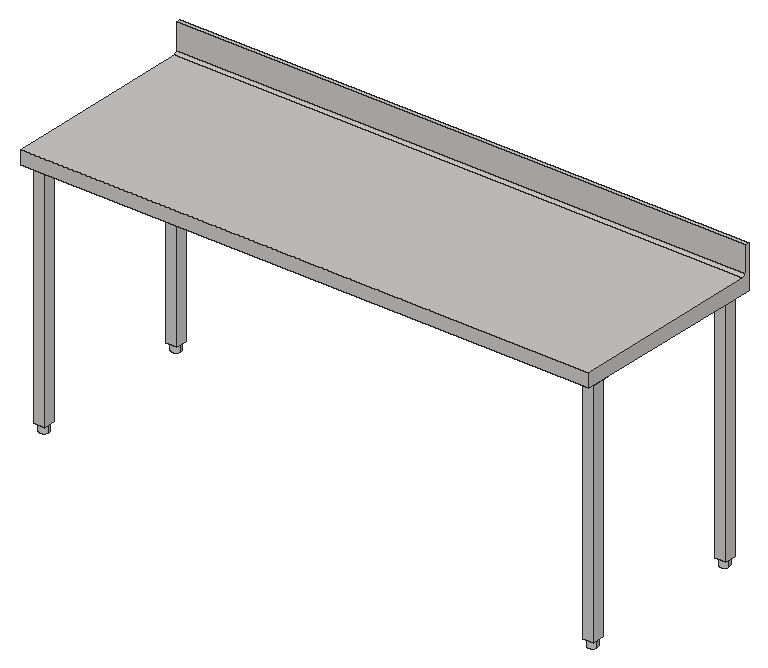
Revit family "QF_ZANUSSI_132759_TG2010PN", category Attrezzature speciali, Revit 2020
Family settings
  Quota connettore circolare = Usa diametro
  Tipo di parte = Normale
  Basato su piano di lavoro = No
  Sempre verticale = Sì
  Taglio con vuoti quando caricato = No
  Condiviso = No
  Punto di calcolo locali = No
Parameters (values of type "Standard")
  Weight = 58.00 kg
  Watts = 0 W
  Volts = 0 V
  URL Manufacturer = "http://www.zanussiprofessional.com"
  URL = "http://www.zanussiprofessional.com"
  Steam Supply Size = 0 mm
  Steam Supply Minimum Pressure = 0.0 Pa
  Steam Supply Maximum Pressure = 0.0 Pa
  Steam Consumption per Hour = 0
  Refrigeration Suction Line Size = 0.0 mm
  Refrigeration Liquid Line Size = 0.0 mm
  Refrigerant Compressor Remote = yes
  Prospetto di default = 0.0 mm
  Produttore = "Zanussi"
  Phase = 0
  Modello = "TG2010PN"
  Length Actual = 2000.0 mm  # constant formula
  Item Number = "132759"
  Hot Water Size = 0 mm
  Height Actual = 1000.0 mm  # constant formula
  HP = "0 HP"
  Gas Size = 0 mm
  Gas KW = 0
  Gas Input Pressure = 0 W
  Direct Waste Size = 0 mm
  Descrizione = "WORK TABLE WITH UPSTAND 2000 MM"
  Depth Actual = 700.0 mm  # constant formula
  Cycle = 0 Hz
  Condensate Return Size = 0 mm
  Compressed Air Volume = 0.0 L/s
  Compressed Air Size = 0 mm
  Compressed Air Pressure = 0.0 Pa
  Cold Water Size = 0 mm
  Accessory = yes
Reference planes
  plane 1 "Center (Front/Back)": y = 0
  plane 2: z = 0
  plane 3 "Center (Left/Right)": x = -500
  plane 4 "LEFT": x = -1500
  plane 5 "RIGHT": x = 500
  plane 6 "BACK": y = 350
  plane 7 "FRONT": y = -350
  plane 8 "Base": z = 850
  plane 9 "TOP": z = 900
  plane 10: x = -1464.5
  plane 11: x = 464.5
  plane 12: y = 290
  plane 13: y = -290
Forms (mm)
  Extrusion 1, solid, material "QF_Finishes_Stainless Steel"
    sketch origin (-500, 0, 0) x (0, 1, 0) y (0, 0, 1)
      loop
        line (-350, 850) -> (350, 850) -> (350, 1000) -> (337, 1000) -> (337, 910)
        arc (337, 910) -> (334.071, 902.929) -> (327, 900) r 10
        line (327, 900) -> (-350, 900) -> (-350, 850)
    from 1000 to -1000
Lines and regions (mm)
  symbolic lines
    curve 1: line (500, 350, 900) -> (-1500, 350, 900)
    curve 2: line (-1500, 350, 900) -> (-1500, -350, 900)
    curve 3: line (-1500, -350, 900) -> (500, -350, 900)
    curve 4: line (500, -350, 900) -> (500, 350, 900)
    curve 5: line (500, 337, 900) -> (-1500, 337, 900)
Dimensions and locks
  plane 4 "LEFT" to plane 5 "RIGHT" = 2000.0 mm
  equal spacing: plane 4 "LEFT", plane 3 "Center (Left/Right)", plane 5 "RIGHT"
  locked: plane 8 "Base" to level at 850
  plane 4 "LEFT" to plane 10 = 35.5 mm
  plane 11 to plane 5 "RIGHT" = 35.5 mm
  plane 10 to plane 11 = 1929.0 mm
  locked: Extrusion 1 to level at 1000
  plane 9 "TOP" to level = 900.0 mm
  plane 6 "BACK" to plane 12 = 60.0 mm
  plane 13 to plane 7 "FRONT" = 60.0 mm
  plane 6 "BACK" to plane 7 "FRONT" = 700.0 mm
  plane 12 to plane 13 = 580.0 mm
  equal spacing: plane 6 "BACK", plane 1 "Center (Front/Back)", plane 7 "FRONT"
  aligned and locked: level to plane 2
  aligned and locked: plane 10 to nested 1
  aligned and locked: nested 1 to plane 13
  aligned and locked: plane 11 to nested 2
  aligned and locked: nested 2 to plane 13
  aligned and locked: plane 11 to nested 4
  aligned and locked: nested 4 to plane 12
  aligned and locked: plane 10 to nested 3
  aligned and locked: nested 3 to plane 12
  aligned and locked: Extrusion 1 to plane 4 "LEFT"
  aligned and locked: plane 5 "RIGHT" to Extrusion 1
  aligned and locked: curve 2 to plane 4 "LEFT"
Automatic sketch dimensions
  Extrusion 1 sketch curve to plane 7 "FRONT" = 0.0 mm
  Extrusion 1 sketch curve to plane 9 "TOP" = 0.0 mm
  Extrusion 1 sketch curve to plane 6 "BACK" = 0.0 mm
  Extrusion 1 sketch curve to plane 8 "Base" = 0.0 mm
  plane 9 "TOP" to Extrusion 1 sketch curve = 10.0 mm
  Extrusion 1 sketch curve to plane 6 "BACK" = 13.0 mm
  Extrusion 1 sketch curve to Extrusion 1 sketch curve = 90.0 mm
  curve 3 to plane 7 "FRONT" = 0.0 mm
  curve 5 to plane 5 "RIGHT" = 0.0 mm
  curve 4 to plane 6 "BACK" = 0.0 mm
  curve 5 to plane 6 "BACK" = 13.0 mm
Nested families
  nested 1: "FEET_40x40" at (-1464.5, -290, 0), type "FEET_40x40"
  nested 2: "FEET_40x40" at (464.5, -290, 0), type "FEET_40x40"
  nested 3: "FEET_40x40" at (-1464.5, 290, 0), type "FEET_40x40"
  nested 4: "FEET_40x40" at (464.5, 290, 0), type "FEET_40x40"
Definition of nested family "FEET_40x40"
  Parameters
    Default Elevation = 0.0 mm
    FEET = 850.0 mm
  Reference planes
    plane 1 "Center (Front/Back)": y = 0
    plane 2: z = 0
    plane 3 "Center (Left/Right)": x = 0
    plane 4: z = 850
  Forms (mm)
    Extrusion 1, solid
      sketch origin (0, 0, 0) x (1, 0, 0) y (0, 1, 0)
        loop
          line (-20, -20) -> (20, -20) -> (20, 20) -> (-20, 20) -> (-20, -20)
      from 25 to 845
    Extrusion 2, solid
      sketch origin (0, 0, 0) x (1, 0, 0) y (0, 1, 0)
        loop
          circle (0, 0) r 16
      from 0 to 25
    Extrusion 3, solid
      sketch origin (0, 0, 0) x (1, 0, 0) y (0, 1, 0)
        loop
          line (30, 30) -> (-30, 30) -> (-30, -30) -> (30, -30) -> (30, 30)
      from 845 to 850
  Lines and regions (mm)
    symbolic lines
      curve 1: line (0, -1.503, 0) -> (0, 1.508, 0)
      curve 2: line (1.561, 0, 0) -> (-1.439, 0, 0)
  Dimensions and locks
    "FEET": plane 4 to plane 2
    aligned and locked: level to plane 2
  Automatic sketch dimensions
    Extrusion 1 sketch curve to plane 3 "Center (Left/Right)" = 20.0 mm
    plane 3 "Center (Left/Right)" to Extrusion 1 sketch curve = 20.0 mm
    plane 1 "Center (Front/Back)" to Extrusion 1 sketch curve = 20.0 mm
    Extrusion 1 sketch curve to plane 1 "Center (Front/Back)" = 20.0 mm
    plane 1 "Center (Front/Back)" to Extrusion 2 sketch curve = 0.0 mm
    Extrusion 2 sketch curve to plane 3 "Center (Left/Right)" = 0.0 mm
    plane 3 "Center (Left/Right)" to Extrusion 3 sketch curve = 30.0 mm
    Extrusion 3 sketch curve to plane 1 "Center (Front/Back)" = 30.0 mm
    Extrusion 3 sketch curve to plane 3 "Center (Left/Right)" = 30.0 mm
    plane 1 "Center (Front/Back)" to Extrusion 3 sketch curve = 30.0 mm
    plane 1 "Center (Front/Back)" to curve 2 = 0.0 mm
    curve 1 to plane 3 "Center (Left/Right)" = 0.0 mm
    curve 2 to plane 3 "Center (Left/Right)" = 1.439 mm
    plane 3 "Center (Left/Right)" to curve 2 = 1.561 mm
    plane 1 "Center (Front/Back)" to curve 1 = 1.503 mm
    curve 1 to plane 1 "Center (Front/Back)" = 1.508 mm
    radius of Extrusion 2 sketch curve = 16.0 mm
